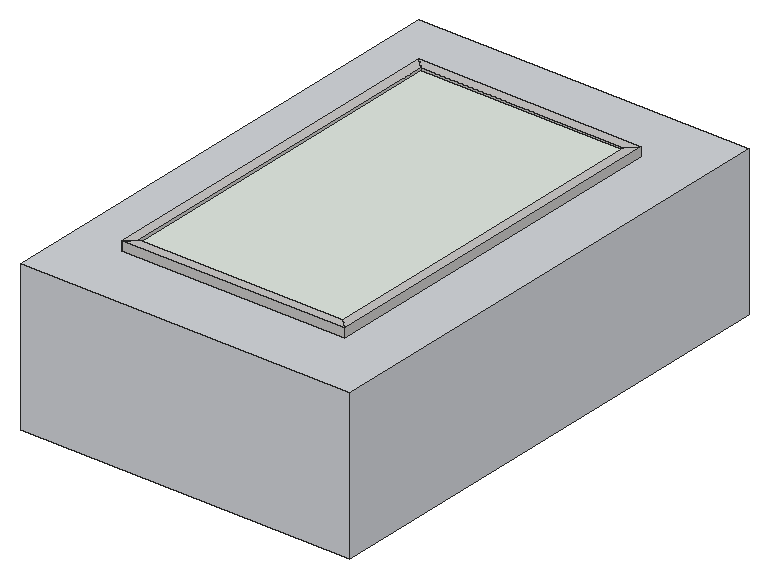
Revit family
Parameters
  Width = 18"
  Warranty Information = "Complete unit, excepting mirrors warranted for one year.\r\n Stainless steel mirror frames for fifteen years.\r\n Plate glass mirrors for fifteen years.\r\n This warranty does not cover installation or any other labor charges and does not apply to any units,\r\n which have been damaged by accident, abuse, improper installation, improper maintenance, or altered in any way."
  Version = "1.0"
  URL = "http://www.bradleycorp.com/"
  Type Comments = "ERROR - If you are able to see this message you haven't loaded this  family correctly."
  Reflective Material = Glass - Bradley Corp - BradEX - Polished Float Mirror
  OmniClass Title = "Mirrors"
  OmniClass Code = "23.40.95.17.17"
  Modeling Code = ""
  Model = "ERROR - If you are able to see this message you haven't loaded this  family correctly."
  MasterFormat Title = "Commercial Toilet Accessories"
  MasterFormat Number = "10 28 13. 13"
  Manufacturer = "Bradley Corporation"
  Industry Standards = "ASTM C 1036"
  Height = 30"
  Fire Rating = "n/a"
  Description = "ERROR - If you are able to see this message you haven't loaded this  family correctly."
  Depth = 3/4"
  Default Elevation = 40"
  Copyright = "This Model Data is Property of Bradley Corporation"
  Frame Material = Bradley Corp Stainless Steel - Satin
  Buy American Act = "Yes"
  Assembly Code = "C1030900"
  ADA Compliant = "Yes"
Reference planes (in)
  plane 1 "Center (Front/Back)": y = 0
  plane 2: z = 0
  plane 3 "Center (Left/Right)": x = 0
  plane 4 "Top": y = 15
  plane 5 "Right": x = 9
  plane 6 "Bottom": y = -15
  plane 7 "Left": x = -9
  plane 8 "Front": z = 0.75
  plane 9 "Center (Elevation)": y = -14.25
Forms (in)
  Extrusion 1, solid
    sketch origin (0, 0, 0) x (1, 0, 0) y (0, 1, 0)
      loop
        line (-13, 20) -> (-13, -20.31504) -> (13.70817, -20.31504) -> (13.70817, 20) -> (-13, 20)
    from 0 to -12
  Extrusion 2, solid, material "Glass - Bradley Corp - BradEX - Polished Float Mirror" <- "Reflective Material"
    sketch origin (0, 0, 0.75) x (-1, 0, 0) y (0, -1, 0)
      loop
        line (8.25, -14.25) -> (8.25, 14.25) -> (-8.25, 14.25) -> (-8.25, -14.25) -> (8.25, -14.25)
    from -0.375 to -0.1875
  Extrusion 3, solid, material "Bradley Corp Stainless Steel - Satin" <- "Frame Material"
    sketch origin (0, 0, 0.75) x (-1, 0, 0) y (0, -1, 0)
      loop
        line (9, -15) -> (9, 15) -> (8.25, 14.25) -> (8.25, -14.25) -> (9, -15)
      loop
        line (-8.25, -14.25) -> (-8.25, 14.25) -> (-9, 15) -> (-9, -15) -> (-8.25, -14.25)
    from -0.75 to 0
  Extrusion 4, solid, material "Bradley Corp Stainless Steel - Satin" <- "Frame Material"
    sketch origin (0, 0, 0.75) x (-1, 0, 0) y (0, -1, 0)
      loop
        line (9, -15) -> (8.25, -14.25) -> (-8.25, -14.25) -> (-9, -15) -> (9, -15)
      loop
        line (9, 15) -> (-9, 15) -> (-8.25, 14.25) -> (8.25, 14.25) -> (9, 15)
    from -0.75 to 0
Dimensions and locks (in)
  "Height": plane 6 "Bottom" to plane 4 "Top"
  equal spacing: plane 6 "Bottom", plane 1 "Center (Front/Back)", plane 4 "Top"
  "Width": plane 7 "Left" to plane 5 "Right"
  equal spacing: plane 7 "Left", plane 3 "Center (Left/Right)", plane 5 "Right"
  "Depth": plane 8 "Front" to plane 2
  locked: plane 6 "Bottom" to plane 9 "Center (Elevation)" at 0.75
  "Depth": plane 7 "Left" to Extrusion 2 sketch curve
  "Depth": Extrusion 2 sketch curve to plane 5 "Right"
  "Depth": Extrusion 2 sketch curve to plane 4 "Top"
  "Depth": Extrusion 2 sketch curve to plane 6 "Bottom"
  equal spacing: plane 8 "Front", Extrusion 2, plane 2, locked at 0.375 each
  locked: plane 8 "Front" to Extrusion 2 at 0.1875
  aligned and locked: plane 2 to Extrusion 1
  aligned and locked: level to Extrusion 1
  aligned and locked: plane 7 "Left" to Extrusion 3 sketch curve
  aligned and locked: Extrusion 3 sketch curve to plane 5 "Right"
  aligned and locked: Extrusion 3 sketch curve to Extrusion 2  (x2)
  aligned and locked: plane 4 "Top" to Extrusion 3 sketch curve  (x2)
  aligned and locked: plane 6 "Bottom" to Extrusion 3 sketch curve  (x2)
  aligned and locked: Extrusion 3 to plane 2
  aligned and locked: Extrusion 4 sketch curve to plane 4 "Top"
  aligned and locked: Extrusion 4 sketch curve to Extrusion 2
  aligned and locked: plane 7 "Left" to Extrusion 4 sketch curve  (x2)
  aligned and locked: plane 5 "Right" to Extrusion 4 sketch curve  (x2)
  aligned and locked: plane 9 "Center (Elevation)" to Extrusion 4 sketch curve
  aligned and locked: Extrusion 4 sketch curve to plane 6 "Bottom"
  aligned and locked: Extrusion 4 to plane 2
  aligned and locked: plane 8 "Front" to Extrusion 4
Automatic sketch dimensions
  Extrusion 1 sketch curve to Extrusion 1 sketch curve = 26.70817"
  Extrusion 1 sketch curve to Extrusion 1 sketch curve = 40.31504"
  Extrusion 3 sketch curve to plane 9 "Center (Elevation)" = 0"  (x2)
  Extrusion 3 sketch curve to plane 4 "Top" = 3/4"  (x2)
  Extrusion 4 sketch curve to plane 5 "Right" = 3/4"  (x2)
  Extrusion 4 sketch curve to plane 7 "Left" = 3/4"  (x2)
